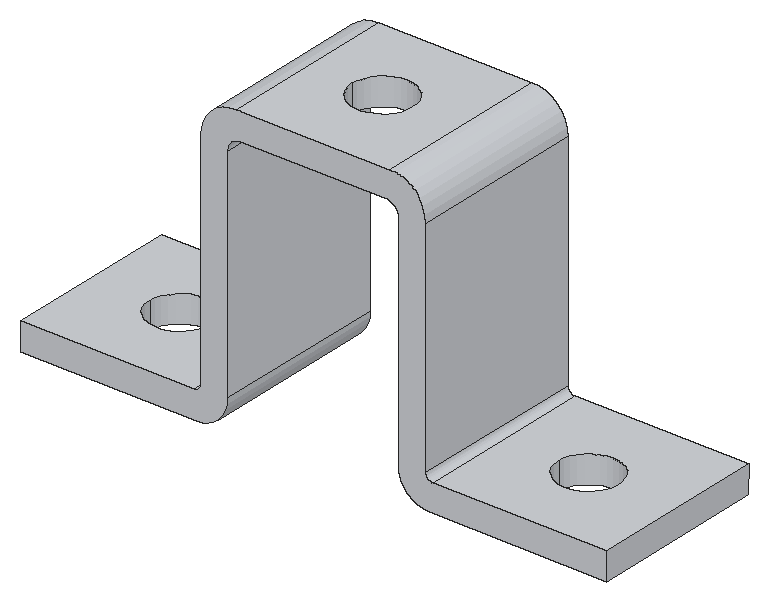
Revit family "Fitting-U_Shape-Unistrut-P5547", category Specialty Equipment, Revit 2012
Parameters (values of type "P5547")
  ecoScorecard_data = "http://products.ecoscorecard.com/atkore/P5547"
  ecoScorecard Product Page = "http://products.ecoscorecard.com/atkore/P5547?action=html"
  Weight Per Piece = 1.08 lbf
  Unit = none
  Unistrut Part Number = "P5547"  # constant formula
  URL = "http://unistrut.us/index.php"
  Thickness = 1/4"
  Subcategory = "U Shape Fittings"
  Product Page URL = "http://unistrut.us/index.php?WP=cat_detail&S=S05&P=P5547"
  Power Strut Part Number = "PS 2648"  # constant formula
  Part Type = "Fitting"  # constant formula
  Overall Width = 5 3/8"
  Overall Length = 2 11/16"
  Overall Height = 1 5/8"
  Model = "P5547"
  Material = ""
  Manufacturer Phone - Toll Free = "800-882-5543"  # constant formula
  Manufacturer Phone = "708-339-1610"  # constant formula
  Manufacturer Fax = "708-339-7814"  # constant formula
  Manufacturer Email = "mailto:jshaw@atkore.com"
  Manufacturer Address = "16100 South Lathrop Avenue, Harvey, IL 60426"  # constant formula
  Manufacturer = "Unistrut by Atkore International"  # constant formula
  Load Capacity Note = "Visit the product page for load application and capacity."  # constant formula
  Literature URL = "http://unistrut.us/index.php?WP=LItLibrary"
  Hole Diameter = 9/16"
  Default Elevation = 48"
  Cost Info = "mailto:jshaw@atkore.com"
  Construction Note = ""
  Category = "Specialty Equipment"  # constant formula
  CAD URL = "http://unistrut.us/index.php?WP=CAD3d"
  Assembly Code = "D5020100"
  Angle = 0.00°
  95 CSI = "16070"  # constant formula
  04 CSI = "26 05 48"  # constant formula
Reference planes (in)
  plane 1 "Center (Front/Back)": y = 0
  plane 2: z = 0
  plane 3 "Center (Left/Right)": x = 0
  plane 4: y = 0.8125
  plane 5: y = -0.8125
  plane 6: x = 2.6875
  plane 7: x = -2.6875
  plane 8: z = 2.6875
  plane 9: z = 0.25
  plane 10: x = -1.03125
  plane 11: z = 2.4375
  plane 12: x = 1.875
  plane 13: x = -1.875
Dimensions and locks (in)
  equal spacing: plane 5, plane 1 "Center (Front/Back)", plane 4
  equal spacing: plane 7, plane 3 "Center (Left/Right)", plane 6
  "Overall Width": plane 7 to plane 6
  "Overall Length": plane 8 to plane 2
  "Overall Height": plane 5 to plane 4
  plane 7 to plane 10 = 1 21/32"
  plane 11 to level = 2 7/16"
  aligned and locked: level to plane 2
  aligned and locked: plane 3 "Center (Left/Right)" to nested 1
  aligned and locked: plane 1 "Center (Front/Back)" to nested 1
Nested families (in)
  nested 1: "5547" at (0, 0, 0), type "5547"
Definition of nested family "5547"
  Parameters (values of type "5547")
    Unit = none
    URL = ""
    Thickness = 1/4"
    Subcategory = ""
    Product Page URL = ""
    Overall Width = 5 3/8"
    Overall Length = 2 11/16"
    Overall Height = 1 5/8"
    Model = "P5547"
    Material = ""
    Manufacturer = ""
    Length = 0"
    Hole Radius = 9/32"
    Hole Diameter = Hole Radius * 2  # 9/16"
    Assembly Code = ""
  Reference planes (in)
    plane 1 "Center (Front/Back)": y = 0
    plane 2: z = 0
    plane 3 "Center (Left/Right)": x = 0
    plane 4: y = 0.8125
    plane 5: y = -0.8125
    plane 6: x = -2.6875
    plane 7: x = 0.78125
    plane 8: x = 2.6875
    plane 9: z = 2.6875
    plane 10: x = -0.78125
    plane 11: x = -1.03125
    plane 12: x = 1.03125
    plane 13: z = 0.25
    plane 14: z = 2.4375
  Forms (in)
    Extrusion 1, solid, material <- "Unit"
      sketch origin (0, 0, 0) x (1, 0, 0) y (0, 0, 1)
        loop
          line (-2.6875, 0) -> (-1.06847, 0)
          arc (-1.06847, 0) -> (-0.86537, 0.08412) -> (-0.78125, 0.28722) r 0.28722
          line (-0.78125, 0.28722) -> (-0.78125, 2.32011)
          arc (-0.78125, 2.32011) -> (-0.74687, 2.40312) -> (-0.66386, 2.4375) r 0.11739
          line (-0.66386, 2.4375) -> (0.65625, 2.4375)
          arc (0.65625, 2.4375) -> (0.74464, 2.40089) -> (0.78125, 2.3125) r 0.125
          line (0.78125, 2.3125) -> (0.78125, 0.28616)
          arc (0.78125, 0.28616) -> (0.86506, 0.08381) -> (1.06741, 0) r 0.28616
          line (1.06741, 0) -> (2.6875, 0) -> (2.6875, 0.25) -> (1.09705, 0.25)
          arc (1.09705, 0.25) -> (1.05052, 0.26927) -> (1.03125, 0.3158) r 0.0658
          line (1.03125, 0.3158) -> (1.03125, 2.35938)
          arc (1.03125, 2.35938) -> (0.93514, 2.59139) -> (0.70312, 2.6875) r 0.32812
          line (0.70312, 2.6875) -> (-0.70238, 2.6875)
          arc (-0.70238, 2.6875) -> (-0.93493, 2.59118) -> (-1.03125, 2.35863) r 0.32887
          line (-1.03125, 2.35863) -> (-1.03125, 0.31641)
          arc (-1.03125, 0.31641) -> (-1.0507, 0.26945) -> (-1.09766, 0.25) r 0.06641
          line (-1.09766, 0.25) -> (-2.6875, 0.25) -> (-2.6875, 0)
      from -0.8125 to 0.8125
    Extrusion 2, void
      sketch origin (0, 0, 0) x (1, 0, 0) y (0, 1, 0)
        loop
          circle (-1.875, 0) r 0.27818
        loop
          circle (1.875, 0) r 0.27818
      from 0 to 0.25
    Extrusion 3, void
      sketch origin (0, 0, 0) x (1, 0, 0) y (0, 1, 0)
        loop
          circle (-0.01562, 0) r 0.28125
      from 2.4375 to 2.6875
  Cuts and joins
    Extrusion 2, Extrusion 3 cuts Extrusion 1
  Dimensions and locks (in)
    equal spacing: plane 5, plane 1 "Center (Front/Back)", plane 4
    "Overall Height": plane 4 to plane 5
    "Overall Length": plane 9 to plane 2
    "Thickness": plane 9 to plane 14
    equal spacing: plane 6, plane 3 "Center (Left/Right)", plane 8
    "Overall Width": plane 6 to plane 8
    "Thickness": plane 13 to plane 2
    plane 6 to plane 11 = 1 21/32"
    plane 8 to plane 12 = 1 21/32"
    Extrusion 2 sketch curve to plane 8 = 13/16"
    plane 6 to Extrusion 2 sketch curve = 13/16"
    aligned and locked: level to plane 2
    aligned and locked: plane 6 to Extrusion 1 sketch curve
    aligned and locked: Extrusion 1 sketch curve to plane 13
    aligned and locked: Extrusion 1 sketch curve to plane 2
    aligned and locked: plane 7 to Extrusion 1 sketch curve
    aligned and locked: plane 12 to Extrusion 1 sketch curve
    aligned and locked: Extrusion 1 sketch curve to plane 9
    aligned and locked: Extrusion 1 sketch curve to plane 10
    aligned and locked: Extrusion 1 sketch curve to plane 11
    aligned and locked: Extrusion 1 sketch curve to plane 8
    aligned and locked: plane 4 to Extrusion 1
    aligned and locked: plane 5 to Extrusion 1
    aligned and locked: Extrusion 1 sketch curve to plane 14
    aligned and locked: plane 9 to Extrusion 3
    aligned and locked: Extrusion 1 to Extrusion 3
    aligned and locked: plane 13 to Extrusion 2
  Automatic sketch dimensions
    Extrusion 1 sketch curve to level = 0"
    Extrusion 1 sketch curve to plane 13 = 0"
    plane 11 to Extrusion 1 sketch curve = 17/256"
    plane 13 to Extrusion 1 sketch curve = 0.03722"
    Extrusion 1 sketch curve to plane 10 = 0.07887"
    Extrusion 1 sketch curve to plane 7 = 5/64"
    Extrusion 1 sketch curve to plane 7 = 1/8"
    plane 13 to Extrusion 1 sketch curve = 0.03616"
    Extrusion 1 sketch curve to Extrusion 1 sketch curve = 0.02964"
    plane 1 "Center (Front/Back)" to Extrusion 2 sketch curve = 0"  (x2)
    plane 1 "Center (Front/Back)" to Extrusion 3 sketch curve = 0"
    Extrusion 3 sketch curve to plane 3 "Center (Left/Right)" = 1/64"
    Extrusion 1 sketch curve to Extrusion 1 sketch curve = 0.03852"
    radius of Extrusion 2 sketch curve = 0.27818"  (x2)
    radius of Extrusion 3 sketch curve = 9/32"
